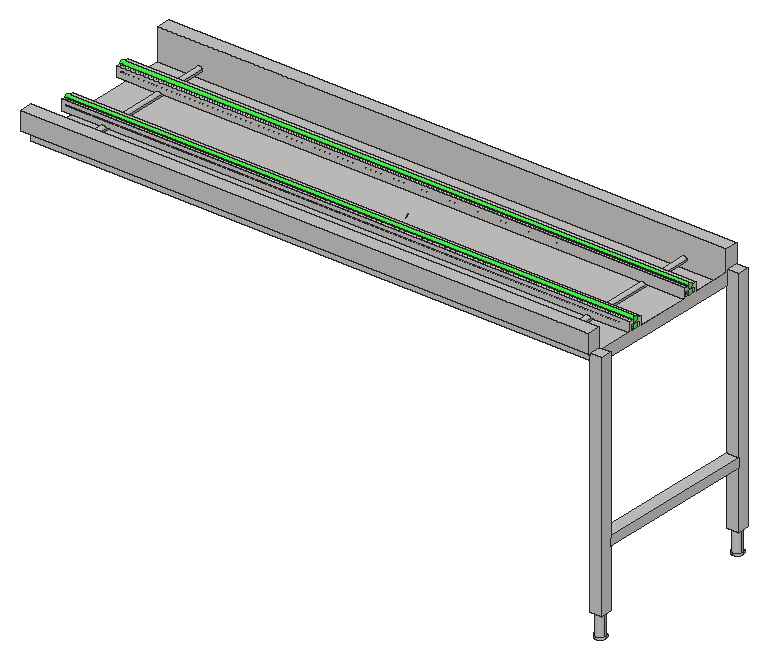
Revit family "QF_ELECTROLUXPROFESSIONAL_863157_HSBCC19", category Specialty Equipment, Revit 2018
Family settings
  Round Connector Dimension = Use Diameter
  Part Type = Normal
  Work Plane-Based = No
  Always vertical = Yes
  Cut with Voids When Loaded = No
  Shared = No
  Room Calculation Point = No
Parameters
  Weight = 0.00 kg
  Watts = 0 W
  Volts = 0 V
  URL Manufacturer = "http://professional.electrolux.com"
  URL = "http://professional.electrolux.com"
  Steam Supply Size = 0 mm
  Steam Supply Minimum Pressure = 0.0 Pa
  Steam Supply Maximum Pressure = 0.0 Pa
  Steam Pounds per Hour = 0
  Refrigeration Suction Line Size = 0 mm
  Refrigeration Liquid Line Size = 0 mm
  Refrigerant Compressor Remote = yes
  Manufacturer = "Electrolux"
  Phase = 0
  Model = "HSBCC19"
  Length Actual = 1900 mm  # constant formula
  Item Number = "863157"
  Hot Water Size = 0 mm
  Height Actual = 910 mm  # constant formula
  HP = "0 HP"
  Gas Size = 0 mm
  Gas KW = 0
  Gas Input Pressure = 0 W
  Description = "CORD CONVEYOR FOR BASKETS, L=1900 MM"
  Depth Actual = 620 mm  # constant formula
  Cycle = 0 Hz
  Condensate Return Size = 0 mm
  Compressed Air Volume = 0.0 L/s
  Compressed Air Size = 0 mm
  Compressed Air Pressure = 0.0 Pa
  Cold Water Size = 0 mm
  Accessory = yes
Reference planes
  plane 1 "Centro (Fronte/Retro)": y = 74.737
  plane 2: z = 0
  plane 3 "LEFT": x = -2338.761
  plane 4 "BACK": y = 384.737
  plane 5 "FRONT": y = -235.263
  plane 6: z = 910
  plane 7 "RIGHT": x = -438.761
  plane 8: x = -1388.761
Forms (mm)
  Extrusion 1, solid, material "QF_Finishes_Stainless Steel"
    sketch origin (11.239, 0, 0) x (0, 1, 0) y (0, 0, 1)
      loop
        line (-235.263, 910) -> (-235.263, 850.033) -> (-190.242, 850.033) -> (-190.242, 910) -> (-235.263, 910)
      loop
        line (384.737, 910) -> (339.716, 910) -> (339.716, 850.033) -> (384.737, 850.033) -> (384.737, 910)
    from -2350 to -451.2
  Extrusion 2, solid, material "QF_Finishes_Stainless Steel"
    sketch origin (11.239, 0, 0) x (0, 1, 0) y (0, 0, 1)
      loop
        line (-191.727, 850.033) -> (-191.727, 800.081) -> (341.245, 800.081) -> (341.245, 850.033) -> (339.716, 850.033) -> (339.716, 803.081) -> (-190.242, 803.081) -> (-190.242, 850.033) -> (-191.727, 850.033)
    from -2350 to -451.2
  Extrusion 3, solid, material "QF_Finishes_Stainless Steel"
    sketch origin (1061.239, 723.253, 4000) x (0, 1, 0) y (0, 0, 1)
      loop
        line (-958.516, -3090) -> (-958.516, -3149.967) -> (-934.752, -3185.632) -> (-915.4, -3185.632) -> (-915.4, -3199.919) -> (-381.633, -3199.919) -> (-381.633, -3185.632) -> (-362.281, -3185.632) -> (-338.516, -3149.967) -> (-338.516, -3090) -> (-383.538, -3090) -> (-383.538, -3161.926) -> (-913.495, -3161.926) -> (-913.495, -3090) -> (-958.516, -3090)
    from -1500 to -1501.2
  Extrusion 4, solid, material "QF_Finishes_Stainless Steel"
    sketch origin (-1477.522, 74.737, 0) x (-1, 0, 0) y (0, 0, -1)
      loop
        line (-1079.929, -300) -> (-1039.929, -300) -> (-1039.929, -270) -> (-1079.929, -270) -> (-1079.929, -300)
    from -266.504 to 266.46
  Revolve 5, solid, material "QF_Finishes_Stainless Steel"
    sketch origin (0, 74.737, 0) x (1, 0, 0) y (0, 0, 1)
      loop
        line (-1465.255, 800.081) -> (-1465.255, 786.333)
        arc (-1465.255, 786.333) -> (-1464.651, 784.73) -> (-1463.151, 783.903) r 2.474
        arc (-1463.151, 783.903) -> (-1459.843, 780.044) -> (-1463.138, 776.173) r 3.913
        arc (-1463.138, 776.173) -> (-1464.648, 775.341) -> (-1465.255, 773.728) r 2.49
        line (-1465.255, 773.728) -> (-1465.255, 733.404)
        arc (-1465.255, 733.404) -> (-1454.605, 702.706) -> (-1427.218, 685.219) r 49.516
        line (-1427.218, 685.219) -> (-1427.218, 682.73) -> (-1426.011, 681.079) -> (-1426.011, 679.492) -> (-1412.231, 673.492) -> (-1412.231, 638.761) -> (-1410.707, 637.3) -> (-1388.761, 637.3) -> (-1388.761, 800.081) -> (-1465.255, 800.081)
      axis (-1388.761, 800.081) -> (-1388.761, 637.3)
    angle from 0 to 360
  Extrusion 6, solid, material "QF_Finishes_Stainless Steel"
    sketch origin (0, 74.737, 0) x (1, 0, 0) y (0, 0, 1)
      loop
        circle (-2198.761, 831.05) r 8.5
    from -265 to 264.979
  Extrusion 7, solid, material "QF_Finishes_Stainless Steel"
    sketch origin (2140, 74.737, 0) x (1, 0, 0) y (0, 0, 1)
      loop
        circle (-2718.761, 831.05) r 8.5
    from -265 to 265
  Extrusion 8, solid, material "QF_Finishes_Stainless Steel"
    sketch origin (-438.761, 0, 0) x (0, 1, 0) y (0, 0, 1)
      loop
        line (-62.763, 869.045) -> (-62.763, 835.05) -> (-60.363, 835.05) -> (-60.363, 857.845) -> (-19.763, 857.845) -> (-19.763, 835.05) -> (-17.763, 835.05) -> (-17.763, 869.045) -> (-30.056, 869.045) -> (-35.275, 860.005) -> (-45.251, 860.005) -> (-50.47, 869.045) -> (-62.763, 869.045)
      loop
        line (212.237, 869.045) -> (199.944, 869.045) -> (194.725, 860.005) -> (184.749, 860.005) -> (179.53, 869.045) -> (167.237, 869.045) -> (167.237, 835.05) -> (169.237, 835.05) -> (169.237, 857.845) -> (209.837, 857.845) -> (209.837, 835.05) -> (212.237, 835.05) -> (212.237, 869.045)
    from 0 to -1900
  Extrusion 9, solid, material "QF_Finishes_Green"
    sketch origin (-438.761, 0, 0) x (0, 1, 0) y (0, 0, 1)
      loop
        circle (-40.263, 868.505) r 7.5
      loop
        circle (-40.263, 848.505) r 7.5
      loop
        circle (189.737, 868.505) r 7.5
      loop
        circle (189.737, 848.505) r 7.5
    from 0 to -1900
Cuts and joins
  joined: Extrusion 1, Extrusion 2, Extrusion 3, Extrusion 6, Extrusion 7, Extrusion 8
Lines and regions (mm)
  Split face 1
    outline origin (-923.782, -239.063, 803.081) x (0, 1, 0) y (-1, 0, 0)
      loop
        circle (313.8, 464.979) r 3
  Split face 2
    outline origin (-923.782, -239.063, 803.081) x (0, 1, 0) y (-1, 0, 0)
      loop
        circle (313.8, 464.979) r 9
  Split face 3
    outline origin (-923.782, -239.063, 803.081) x (0, 1, 0) y (-1, 0, 0)
      loop
        circle (313.8, 464.979) r 26
  Split face 4
    outline origin (-923.782, -239.063, 803.081) x (0, 1, 0) y (-1, 0, 0)
      loop
        circle (313.8, 464.979) r 36
  Split face 5
    outline origin (-923.782, -239.063, 803.081) x (0, 1, 0) y (-1, 0, 0)
      loop
        circle (313.8, 464.979) r 53
  symbolic lines
    curve 1: line (-438.761, 384.737, 0) -> (-2338.761, 384.737, 0)
    curve 2: line (-2338.761, 384.737, 0) -> (-2338.761, -235.263, 0)
    curve 3: line (-2338.761, 339.716, 0) -> (-438.761, 339.716, 0)
    curve 4: line (-2338.761, -235.263, 0) -> (-438.761, -235.263, 0)
    curve 5: line (-438.761, -235.263, 0) -> (-438.761, 384.737, 0)
    curve 6: line (-438.761, -190.242, 0) -> (-2338.761, -190.242, 0)
    curve 7: line (-2338.761, 74.737, 0) -> (-2308.761, 74.737, 0)
    curve 8: line (-438.761, 74.737, 0) -> (-468.761, 74.737, 0)
    curve 9: circle (-1388.761, 74.737, 0) r 23.47 normal (0, 0, 1)
    curve 10: line (-438.761, 212.237, 0) -> (-2338.761, 212.237, 0)
    curve 11: line (-2338.761, 167.237, 0) -> (-438.761, 167.237, 0)
    curve 12: line (-438.761, -17.763, 0) -> (-2338.761, -17.763, 0)
    curve 13: line (-2338.761, -62.763, 0) -> (-438.761, -62.763, 0)
    curve 14: line (-2338.761, -47.763, 0) -> (-438.761, -47.763, 0)
    curve 15: line (-2338.761, -32.763, 0) -> (-438.761, -32.763, 0)
    curve 16: line (-2338.761, 197.237, 0) -> (-438.761, 197.237, 0)
    curve 17: line (-2338.761, 182.237, 0) -> (-438.761, 182.237, 0)
    curve 18: line (-2207.261, 339.716, 0) -> (-2207.261, 212.237, 0)
    curve 19: line (-2190.261, 339.716, 0) -> (-2190.261, 212.237, 0)
    curve 20: line (-2190.261, 167.237, 0) -> (-2190.261, -17.763, 0)
    curve 21: line (-2207.261, 167.237, 0) -> (-2207.261, -17.763, 0)
    curve 22: line (-2207.261, -62.763, 0) -> (-2207.261, -190.242, 0)
    curve 23: line (-2190.261, -62.763, 0) -> (-2190.261, -190.242, 0)
    curve 24: line (-587.261, 339.716, 0) -> (-587.261, 212.237, 0)
    curve 25: line (-570.261, 339.716, 0) -> (-570.261, 212.237, 0)
    curve 26: line (-570.261, 167.237, 0) -> (-570.261, -17.763, 0)
    curve 27: line (-587.261, 167.237, 0) -> (-587.261, -17.763, 0)
    curve 28: line (-587.261, -62.763, 0) -> (-587.261, -190.242, 0)
    curve 29: line (-570.261, -62.763, 0) -> (-570.261, -190.242, 0)
Dimensions and locks
  plane 3 "LEFT" to plane 7 "RIGHT" = 1900 mm
  equal spacing: plane 4 "BACK", plane 1 "Centro (Fronte/Retro)", plane 5 "FRONT"
  plane 4 "BACK" to plane 5 "FRONT" = 620 mm
  equal spacing: plane 3 "LEFT", plane 8, plane 7 "RIGHT"
  locked: Extrusion 6 sketch curve to plane 3 "LEFT" at 140
  locked: plane 7 "RIGHT" to Extrusion 7 sketch curve at 140
  aligned and locked: level to plane 2
  aligned and locked: curve 9 to Revolve 5
  aligned and locked: plane 8 to Split face 5  (x2)
  aligned and locked: plane 8 to Split face 4  (x2)
  aligned and locked: plane 8 to cut or joined group of Extrusion 1, Extrusion 2, Extrusion 3, Extrusion 6, Extrusion 7, Extrusion 8  (x4)
  aligned and locked: plane 8 to Split face 3  (x2)
  aligned and locked: plane 8 to Split face 2  (x2)
  aligned and locked: plane 8 to Split face 1  (x2)
  aligned and locked: Extrusion 2 to plane 3 "LEFT"
  aligned and locked: Extrusion 1 to plane 3 "LEFT"
  aligned and locked: Extrusion 8 to plane 3 "LEFT"
  aligned and locked: cut or joined group of Extrusion 1, Extrusion 2, Extrusion 3, Extrusion 6, Extrusion 7, Extrusion 8 to plane 3 "LEFT"  (x2)
  aligned and locked: plane 3 "LEFT" to curve 6
  aligned and locked: plane 3 "LEFT" to curve 4
  aligned and locked: Extrusion 9 to plane 3 "LEFT"
Automatic sketch dimensions
  Extrusion 1 sketch curve to plane 5 "FRONT" = 0 mm
  Extrusion 1 sketch curve to plane 6 = 0 mm  (x2)
  Extrusion 1 sketch curve to plane 4 "BACK" = 0 mm
  plane 5 "FRONT" to Extrusion 1 sketch curve = 45.021 mm
  Extrusion 1 sketch curve to plane 4 "BACK" = 45.021 mm
  Extrusion 1 sketch curve to Extrusion 1 sketch curve = 59.967 mm  (x2)
  plane 5 "FRONT" to Extrusion 2 sketch curve = 43.536 mm
  Extrusion 2 sketch curve to Extrusion 2 sketch curve = 1.486 mm
  Extrusion 2 sketch curve to plane 4 "BACK" = 45.021 mm
  Extrusion 2 sketch curve to Extrusion 2 sketch curve = 1.529 mm
  Extrusion 2 sketch curve to plane 6 = 109.919 mm
  Extrusion 2 sketch curve to Extrusion 2 sketch curve = 3 mm
  Extrusion 2 sketch curve to Extrusion 2 sketch curve = 46.952 mm  (x2)
  Extrusion 3 sketch curve to plane 5 "FRONT" = 0 mm
  Extrusion 3 sketch curve to plane 6 = 0 mm  (x2)
  Extrusion 3 sketch curve to plane 4 "BACK" = 0 mm
  plane 5 "FRONT" to Extrusion 3 sketch curve = 23.764 mm
  Extrusion 3 sketch curve to Extrusion 3 sketch curve = 19.352 mm  (x2)
  plane 5 "FRONT" to Extrusion 3 sketch curve = 45.021 mm
  Extrusion 3 sketch curve to plane 4 "BACK" = 45.021 mm
  Extrusion 3 sketch curve to Extrusion 3 sketch curve = 1.905 mm
  Extrusion 3 sketch curve to Extrusion 3 sketch curve = 59.967 mm  (x2)
  Extrusion 3 sketch curve to Extrusion 3 sketch curve = 11.959 mm
  Extrusion 3 sketch curve to Extrusion 3 sketch curve = 23.706 mm  (x2)
  Extrusion 3 sketch curve to Extrusion 3 sketch curve = 14.287 mm
  Extrusion 4 sketch curve to plane 7 "RIGHT" = 41.168 mm
  Extrusion 4 sketch curve to plane 7 "RIGHT" = 1.168 mm
  Extrusion 4 sketch curve to level = 270 mm
  Extrusion 4 sketch curve to Extrusion 4 sketch curve = 30 mm
  Extrusion 6 sketch curve to plane 6 = 78.95 mm
  Extrusion 7 sketch curve to plane 6 = 78.95 mm
  plane 1 "Centro (Fronte/Retro)" to Extrusion 8 sketch curve = 137.5 mm
  Extrusion 8 sketch curve to Extrusion 8 sketch curve = 2.4 mm  (x2)
  Extrusion 8 sketch curve to plane 6 = 40.955 mm  (x3)
  Extrusion 8 sketch curve to Extrusion 8 sketch curve = 12.293 mm  (x2)
  Extrusion 8 sketch curve to Extrusion 8 sketch curve = 5.219 mm  (x4)
  Extrusion 8 sketch curve to Extrusion 8 sketch curve = 9.976 mm  (x2)
  Extrusion 8 sketch curve to Extrusion 8 sketch curve = 10.293 mm
  Extrusion 8 sketch curve to Extrusion 8 sketch curve = 2 mm  (x2)
  Extrusion 8 sketch curve to plane 1 "Centro (Fronte/Retro)" = 92.5 mm
  Extrusion 8 sketch curve to plane 6 = 49.995 mm
  Extrusion 8 sketch curve to Extrusion 8 sketch curve = 9.893 mm
  Extrusion 8 sketch curve to Extrusion 8 sketch curve = 11.2 mm
  Extrusion 8 sketch curve to Extrusion 8 sketch curve = 2.16 mm
  Extrusion 8 sketch curve to Extrusion 8 sketch curve = 22.795 mm  (x4)
  Extrusion 8 sketch curve to Extrusion 8 sketch curve = 9.04 mm  (x2)
  plane 1 "Centro (Fronte/Retro)" to Extrusion 9 sketch curve = 115 mm
  Extrusion 9 sketch curve to Extrusion 9 sketch curve = 0 mm  (x2)
  Extrusion 9 sketch curve to plane 1 "Centro (Fronte/Retro)" = 115 mm
  Extrusion 9 sketch curve to plane 6 = 61.495 mm  (x2)
  Extrusion 9 sketch curve to Extrusion 9 sketch curve = 20 mm  (x2)
  plane 1 "Centro (Fronte/Retro)" to curve 7 = 0 mm
  plane 1 "Centro (Fronte/Retro)" to curve 8 = 0 mm
  curve 15 to plane 7 "RIGHT" = 0 mm
  curve 4 to plane 5 "FRONT" = 0 mm
  curve 2 to plane 4 "BACK" = 0 mm
  plane 3 "LEFT" to curve 7 = 30 mm
  curve 18 to plane 4 "BACK" = 45.021 mm
  plane 3 "LEFT" to curve 18 = 131.5 mm
  plane 5 "FRONT" to curve 22 = 45.021 mm
  plane 3 "LEFT" to curve 22 = 131.5 mm
  curve 21 to curve 18 = 0 mm
  curve 18 to curve 19 = 17 mm
  curve 21 to curve 20 = 17 mm
  curve 22 to curve 23 = 17 mm
  curve 28 to plane 7 "RIGHT" = 148.5 mm
  curve 24 to plane 7 "RIGHT" = 148.5 mm
  curve 27 to curve 28 = 0 mm
  curve 27 to curve 26 = 17 mm
  curve 24 to curve 25 = 17 mm
  curve 28 to curve 29 = 17 mm
  curve 8 to plane 7 "RIGHT" = 30 mm
  curve 13 to curve 14 = 15 mm
  curve 14 to curve 15 = 15 mm
  curve 15 to curve 12 = 15 mm
  curve 11 to curve 17 = 15 mm
  curve 16 to curve 10 = 15 mm
  Revolve 5 sketch curve to plane 8 = 0 mm  (x2)
  Revolve 5 sketch curve to Revolve 5 sketch curve = 21.946 mm
  Revolve 5 sketch curve to Revolve 5 sketch curve = 1.524 mm
  Revolve 5 sketch curve to plane 8 = 26.978 mm
  Revolve 5 sketch curve to Revolve 5 sketch curve = 13.78 mm
  Revolve 5 sketch curve to Revolve 5 sketch curve = 1.206 mm
  Revolve 5 sketch curve to Revolve 5 sketch curve = 47.026 mm
  Revolve 5 sketch curve to Revolve 5 sketch curve = 0.016 mm  (x3)
  Revolve 5 sketch curve to Revolve 5 sketch curve = 0.976 mm
  Revolve 5 sketch curve to Revolve 5 sketch curve = 2.474 mm
  Revolve 5 sketch curve to Revolve 5 sketch curve = 2.49 mm
  Revolve 5 sketch curve to Revolve 5 sketch curve = 0 mm
  Revolve 5 sketch curve to plane 6 = 272.7 mm
  Revolve 5 sketch curve to Revolve 5 sketch curve = 1.461 mm
  Revolve 5 sketch curve to Revolve 5 sketch curve = 34.731 mm
  Revolve 5 sketch curve to Revolve 5 sketch curve = 6 mm
  Revolve 5 sketch curve to Revolve 5 sketch curve = 1.588 mm
  Revolve 5 sketch curve to Revolve 5 sketch curve = 1.651 mm
  Revolve 5 sketch curve to Revolve 5 sketch curve = 2.488 mm
  Revolve 5 sketch curve to Revolve 5 sketch curve = 48.167 mm
  Revolve 5 sketch curve to Revolve 5 sketch curve = 40.307 mm
  Revolve 5 sketch curve to Revolve 5 sketch curve = 6.326 mm
  Revolve 5 sketch curve to Revolve 5 sketch curve = 6.296 mm
  Revolve 5 sketch curve to Revolve 5 sketch curve = 13.748 mm
  Revolve 5 sketch curve to Revolve 5 sketch curve = 0.373 mm
  Revolve 5 sketch curve to Revolve 5 sketch curve = 38.557 mm
  plane 6 to Revolve 5 sketch curve = 8.743 mm
  cut or joined group of Extrusion 1, Extrusion 2, Extrusion 3, Extrusion 6, Extrusion 7, Extrusion 8 to Split face 1 sketch curve = 264.979 mm
  cut or joined group of Extrusion 1, Extrusion 2, Extrusion 3, Extrusion 6, Extrusion 7, Extrusion 8 to Split face 1 sketch curve = 948.8 mm
  cut or joined group of Extrusion 1, Extrusion 2, Extrusion 3, Extrusion 6, Extrusion 7, Extrusion 8 to Split face 2 sketch curve = 264.979 mm
  cut or joined group of Extrusion 1, Extrusion 2, Extrusion 3, Extrusion 6, Extrusion 7, Extrusion 8 to Split face 2 sketch curve = 948.8 mm
  cut or joined group of Extrusion 1, Extrusion 2, Extrusion 3, Extrusion 6, Extrusion 7, Extrusion 8 to Split face 3 sketch curve = 264.979 mm
  cut or joined group of Extrusion 1, Extrusion 2, Extrusion 3, Extrusion 6, Extrusion 7, Extrusion 8 to Split face 3 sketch curve = 948.8 mm
  cut or joined group of Extrusion 1, Extrusion 2, Extrusion 3, Extrusion 6, Extrusion 7, Extrusion 8 to Split face 4 sketch curve = 264.979 mm
  cut or joined group of Extrusion 1, Extrusion 2, Extrusion 3, Extrusion 6, Extrusion 7, Extrusion 8 to Split face 4 sketch curve = 948.8 mm
  cut or joined group of Extrusion 1, Extrusion 2, Extrusion 3, Extrusion 6, Extrusion 7, Extrusion 8 to Split face 5 sketch curve = 264.979 mm
  cut or joined group of Extrusion 1, Extrusion 2, Extrusion 3, Extrusion 6, Extrusion 7, Extrusion 8 to Split face 5 sketch curve = 948.8 mm
  curve 6 to curve 13 = 127.479 mm
  curve 20 to curve 19 = 45 mm
  curve 26 to plane 1 "Centro (Fronte/Retro)" = 92.5 mm
  radius of Extrusion 6 sketch curve = 8.5 mm
  radius of Extrusion 7 sketch curve = 8.5 mm
  radius of Extrusion 9 sketch curve = 7.5 mm  (x4)
  radius of Split face 1 sketch curve = 3 mm
  radius of Split face 2 sketch curve = 9 mm
  radius of Split face 3 sketch curve = 26 mm
  radius of Split face 4 sketch curve = 36 mm
  radius of Split face 5 sketch curve = 53 mm
Nested families
  nested 1: "Foot_40x40" at (-417.593, 361.245, 0) x (-1, 0, 0) z (0, 0, 1), type "Foot_40x40"
    with A 850.033 mm
  nested 2: "Foot_40x40" at (-417.593, -211.771, 0) x (-1, 0, 0) z (0, 0, 1), type "Foot_40x40"
    with A 850.033 mm
Connectors
  piping at (-1388.761, 74.737, 637.3), diameter 40
    settings: on Revolve 5, index 1, connector inside diameter 609.6 mm, connector length 0 mm, flow factor 0, pipe flow 0.0 L/s, pressure drop 0.0 Pa, fitting loss kfactor 0, connector angle 0.00°, fixture units 0, engagement length 0 mm, angle of deflection 0.00°, flow configuration 1, flow direction 2, fitting loss method 0, system type 16, joint type 0, gender type 0, connector reference index -1, connector utility 0, adjustable connector no, is connector primary yes, connector description "Drain"
Definition of nested family "Foot_40x40"
  Parameters
    A [instance] = 850 mm
  Reference planes
    plane 1 "Centro (Fronte/Retro)": y = 0
    plane 2: z = 0
    plane 3 "Centro (Sinistra/Destra)": x = 0
    plane 4: z = 850
  Forms (mm)
    Extrusion 1, solid
      sketch origin (0, 0, 0) x (1, 0, 0) y (0, 1, 0)
        loop
          circle (0, 0) r 18
      from 0 to 5
    Extrusion 2, solid
      sketch origin (0, 0, 5) x (1, 0, 0) y (0, 1, 0)
        loop
          circle (0, 0) r 15
      from 0 to 70
    Extrusion 3, solid
      sketch origin (0, 0, 75) x (1, 0, 0) y (0, 1, 0)
        loop
          line (-20, 20) -> (-20, -20) -> (20, -20) -> (20, 20) -> (-20, 20)
      from 0 to 775
  Dimensions and locks
    "A": plane 4 to plane 2
    aligned and locked: level to plane 2
    aligned and locked: plane 4 to Extrusion 3
    aligned and locked: Extrusion 1 to level
  Automatic sketch dimensions
    plane 1 "Centro (Fronte/Retro)" to Extrusion 1 sketch curve = 0 mm
    Extrusion 1 sketch curve to plane 3 "Centro (Sinistra/Destra)" = 0 mm
    Extrusion 3 sketch curve to Extrusion 3 sketch curve = 40 mm  (x2)
    radius of Extrusion 1 sketch curve = 18 mm
    radius of Extrusion 2 sketch curve to Extrusion 1 = 3 mm
